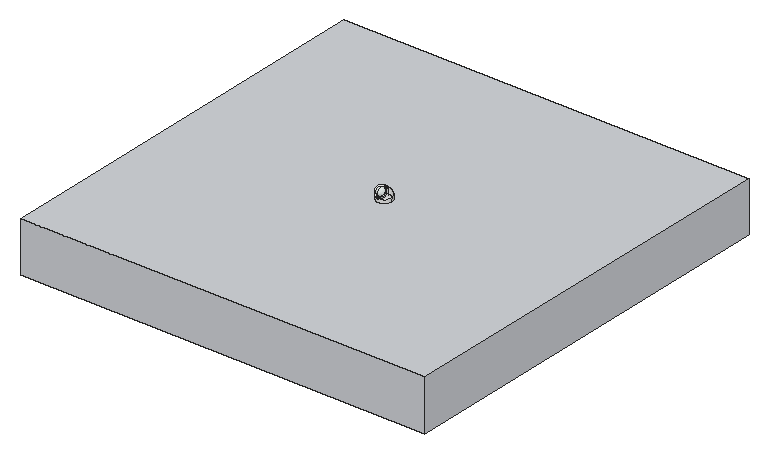
Revit family "Legrand_Lighting_Management_Standalone_Motion_Sensor_360D_IP55_Wall", category Dispositifs d'éclairage, Revit 2020
Family settings
  Hôte = Face
  Conserver l'orientation des annotations = Oui
  Cote de connecteur circulaire = Utiliser le diamètre
  Type d'élément = Normal
  Couper avec des vides une fois chargée = Non
  Partagée = Non
  Point de calcul de pièce = Non
Parameters
  Voltage type = "AC"
  URL = "http://www.legrandoc.com/048946"
  Temperature (MIN) (°C) = -5
  Temperature (MAX) (°C) = 45
  Suitable for wireless transmission = "no"
  Substation input = "no"
  Response value sensitivity adjustable = "no"
  Response value luminosity adjustable = "yes"
  Response value luminosity (MIN) (lx) = 5
  Response value luminosity (MAX) (lx) = 1275
  Remote operation = "no"
  RAL-number (akin) = "9003"
  Product ID = "048946"
  Nominal voltage (V) = "230"
  Mounting method = "Surface mounted (plaster)"
  Model = "Movement sensor"
  Min. switch-on time (s) = "10"
  Maximum mounting height (m) = "2.5"
  Max. switching power (W) = 1000
  Max. starting current (A) = "4.3"
  Max. duty cycle (mn) = "10"
  Label [instance] = no
  Indication distance [instance] = 8 mm
  Image du type = PH6-Wall.jpg
  HVAC-control = "no"
  General Conditions of Use = "https://export.legrand.com/en/terms-of-use-BIM-objects"
  Frequency (MIN) (Hz) = 50
  Frequency (MAX) (Hz) = 60
  Forced switch off = "no"
  Fabricant = "LEGRAND"
  Elévation par défaut = 2500 mm
  ETIM-5.0 Class = "EC000133"
  Dim function with dimmer basic element = "no"
  Detection zone [instance] = no
  Detection angle horizontal (MIN) (°) = 0
  Detection angle horizontal (MAX) (°) = 360
  Description = "PIR MOTION SENSOR 360D WALL/CEILING IP55 BLISTER"
  Constant light control = "yes"
  Colour = "White"
  Code d'assemblage = "D5010200"
  Classe de protection (IP) = "IP55"
  Alarm function = "no"
Reference planes
  plane 1 "Centre (avant/arrière)": y = 0
  plane 2: z = 0
  plane 3 "Centre (gauche/droite)": x = 0
Forms (mm)
  Extrusion 1, solid
    sketch origin (0, 0, 0) x (1, 0, 0) y (0, 1, 0)
      loop
        line (-1219.2, 1219.2) -> (-1219.2, -1219.2) -> (1219.2, -1219.2) -> (1219.2, 1219.2) -> (-1219.2, 1219.2)
    from 0 to -304.8
Dimensions and locks
  aligned and locked: plane 2 to Extrusion 1
  aligned and locked: level to Extrusion 1
  aligned and locked: nested 1 to plane 2
Nested families
  nested 1: "048943 plaf" at (0, 0, 0), type "048943 plaf"
  nested 2: "Symbole D" at (0, 0, 0), type "Symbole D"
  nested 3: "Zone de detection 8mx8m- plan" at (0, 0, 0) x (0, 0, 1) z (0, -1, 0), visible <- "Detection zone", type "Zone de detection 8mx8m- plan"
  nested 4: "Détection 140° EN" at (0, 173.953, 0), Indication distance <- "Indication distance", visible <- "Label", type "Détection 140° EN"
    with Indication distance 8 mm
Connectors
  electrical at (0, 0, 0)
    settings: on nested 1, index 1, voltage 230 V, apparent load 0 VA, apparent load phase1 0 VA, apparent load phase2 0 VA, apparent load phase3 0 VA, power factor 1, load classification "Autre", number of poles 1, system type 31, power factor state 1, is connector primary yes, connector utility no, sub classification motor no, connector description ""
Definition of nested family "048943 plaf"
  Parameters (values of type "048943 plaf")
    Optique = none
    built-in parameter 1140140 [instance] = 1 (stored number, unit not read)
    Finition = none
    Default Elevation = 0 mm
    built-in parameter 1140142 [instance] = -1
    built-in parameter 1155100 [instance] = -1
  Reference planes
    plane 1 "Centre (avant/arrière)": y = 0
    plane 2: z = 0
    plane 3 "Centre (gauche/droite)": x = 0
  Forms (mm)
    SweptBlend 1, solid, material <- "Finition"
      path origin (0, -45.25, 0) x (0, 0, -1) y (0, 1, 0)
        loop
          arc (-20.345, 67.875) -> (-47.049, 62.401) -> (-69.446, 46.863) r 67.875
      profile origin (0, 22.625, 20.345) x (0, -1, 0) y (1, 0, 0)
        loop
          circle (22.625, 0) r 44.25
      end profile origin (0, 1.613, 69.446) x (0, -0.690434, -0.723395) y (1, 0, 0)
        loop
          spline (32.637, -33) -> (41.176, -31.876) -> (49.132, -28.579) -> (55.965, -23.335) -> (61.208, -16.5) -> (64.504, -8.541) -> (65.628, 0) -> (64.504, 8.541) -> (61.208, 16.5) -> (55.965, 23.335) -> (49.132, 28.579) -> (41.176, 31.876) -> (32.637, 33)
          spline (32.637, 33) -> (24.098, 31.876) -> (16.141, 28.579) -> (9.309, 23.335) -> (4.066, 16.5) -> (0.77, 8.541) -> (-0.354, 0) -> (0.77, -8.541) -> (4.066, -16.5) -> (9.309, -23.335) -> (16.141, -28.579) -> (24.098, -31.876) -> (32.637, -33)
    Extrusion 2, solid, material <- "Finition"
      sketch origin (0, -20.92, 45.836) x (0, 0.690434, 0.723395) y (-1, 0, 0)
        loop
          arc (0, -33) -> (32.991, 0) -> (0, 33) r 33
          arc (0, 33) -> (-32.991, 0) -> (0, -33) r 33
      from 0 to 10
    Revolve 3, solid, material <- "Optique"
      sketch origin (0, -45.25, 0) x (0, 0, -1) y (0, 1, 0)
        loop
          arc (-69.372, 32.969) -> (-71.978, 17.908) -> (-64.892, 4.364) r 23.816
          line (-64.892, 4.364) -> (-52.74, 17.096) -> (-69.372, 32.969)
        axis (-52.74, 17.096) -> (-64.892, 4.364)
      angle from 0 to 360
    Extrusion 4, solid, material <- "Finition"
      sketch origin (0, -45.25, 12.905) x (1, 0, 0) y (0, 1, 0)
        loop
          circle (0, 45.25) r 44.249
      from -12.905 to 7.44
  Dimensions and locks
    aligned and locked: level to plane 2
    aligned and locked: Revolve 3 to Extrusion 2
    aligned and locked: Extrusion 4 to level
    aligned and locked: Extrusion 4 to SweptBlend 1
Definition of nested family "Symbole D"
  Reference planes
    plane 1: y = 0
    plane 2: x = 0
  Lines and regions (mm)
    detail lines
      curve 1: spline (0.481, 2.356, 0) -> (0.429, 2.16, 0) -> (0.363, 1.989, 0) -> (0.285, 1.851, 0) -> (0.199, 1.748, 0) -> (0.106, 1.685, 0) -> (0.01, 1.664, 0) -> (-0.085, 1.685, 0) -> (-0.178, 1.748, 0) -> (-0.264, 1.851, 0) -> (-0.342, 1.989, 0) -> (-0.408, 2.16, 0) -> (-0.46, 2.356, 0)
      curve 2: arc (0.821, 3.072, 0) -> (-0.004, 3.293, 0) -> (-0.828, 3.072, 0) r 1.643
      curve 3: arc (-0.64, 2.774, 0) -> (0.004, 2.96, 0) -> (0.648, 2.774, 0) r 1.213
      curve 4: arc (-1.023, 3.436, 0) -> (0.005, 3.717, 0) -> (1.032, 3.436, 0) r 2.018
      curve 5: line (-1.042, 0.262, 0) -> (1.042, 0.262, 0)
      curve 6: arc (-0.945, 0.262, 0) -> (0, 1.008, 0) -> (0.945, 0.262, 0) r 0.972
      curve 7: line (-1.042, 0.262, 0) -> (-1.042, 0, 0)
      curve 8: line (-1.042, 0, 0) -> (1.042, 0, 0)
      curve 9: line (1.042, 0, 0) -> (1.042, 0.262, 0)
  Text (mm)
    text "IR" at (0.939, 0.64, 0)
  Dimensions and locks
    aligned and locked: plane 2 to curve 6
    aligned and locked: plane 1 to curve 8
Definition of nested family "Zone de detection 8mx8m- plan"
  Reference planes
    plane 1 "Centre (avant/arrière)": y = 0
    plane 2: z = 0
    plane 3 "Centre (gauche/droite)": x = 0
  Lines and regions (mm)
    detail lines, in view "Niveau de réf."
      curve 1: line (0, 0, 0) -> (721.302, 3710.78, 0)
      curve 2: arc (721.302, 3710.78, 0) -> (2441.116, 3995.524, 0) -> (4177.517, 3841.424, 0) r 6919.682
      curve 3: arc (4177.517, 3841.424, 0) -> (5129.358, 3552.591, 0) -> (6023.197, 3116.154, 0) r 6238.805
      curve 4: arc (7539.88, 1630.18, 0) -> (6874.01, 2467.549, 0) -> (6023.197, 3116.154, 0) r 4331.154
      curve 5: arc (7539.88, 1630.18, 0) -> (7881.502, 846.673, 0) -> (7998.686, 0, 0) r 3133.455
      curve 6: line (0, 0, 0) -> (721.302, -3710.78, 0)
      curve 7: arc (721.302, -3710.78, 0) -> (2441.116, -3995.524, 0) -> (4177.517, -3841.424, 0) r 6919.682
      curve 8: arc (4177.517, -3841.424, 0) -> (5129.358, -3552.591, 0) -> (6023.197, -3116.154, 0) r 6238.805
      curve 9: arc (7539.88, -1630.18, 0) -> (6874.01, -2467.549, 0) -> (6023.197, -3116.154, 0) r 4331.154
      curve 10: arc (7539.88, -1630.18, 0) -> (7881.502, -846.673, 0) -> (7998.686, 0, 0) r 3133.455
Definition of nested family "Détection 140° EN"
  Parameters (values of type "Détection 140° EN")
    Indication distance [instance] = 0 mm
  Reference planes
    plane 1: y = 0
    plane 2: x = 0
  Text (mm)
    label "140°, Indication distancem front detection at 2.5m height" at (-0.885, 0.234, 0), shows "Indication distance"
